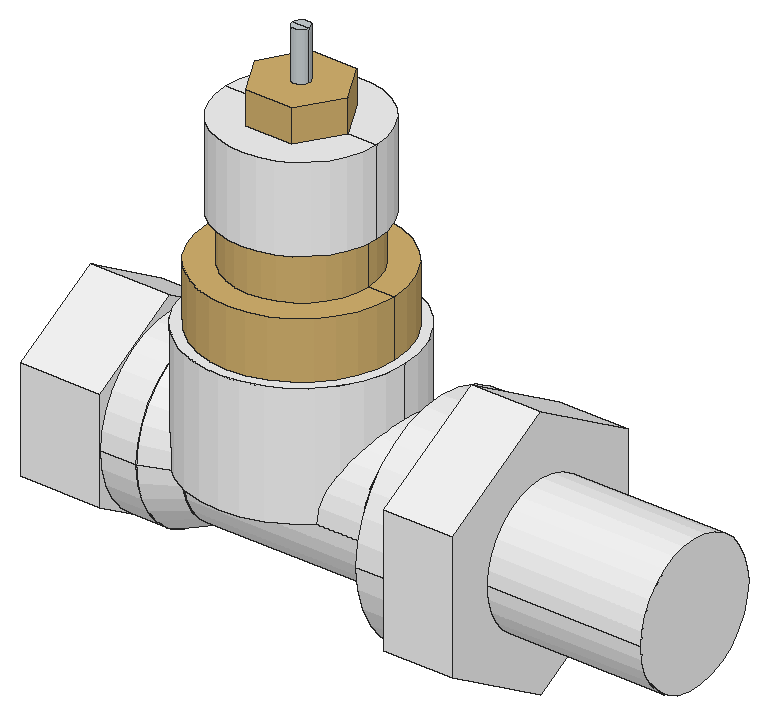
Revit family "RA-FN_Straight_DN10-20_F_RFA", category Pipe Accessories, Revit 2019
Family settings
  Round Connector Dimension = Use Diameter
  Part Type = Valve - Breaks Into
  OmniClass Number = 23.65.55.14.17
  OmniClass Title = Adjusting/Controlling Valves for Liquid Services
  Work Plane-Based = No
  Always vertical = Yes
  Cut with Voids When Loaded = No
  Shared = No
Parameters (values of type "RA-FN_Straight_DN10_Internal_F_013G0002")
  Weight = 0.21 kg
  W = 32.00 mm
  SL = L1 + L2  # 55.50 mm
  RV4_1 = 15.50 mm
  RV2_1 = 12.50 mm
  RV4 = 13.30 mm
  RV3 = 11.00 mm
  RV2 = 10.80 mm
  Pressure Drop [instance] = 0.0 bar
  Model Type = "RA-FN_Straight_DN10_Internal_F"
  Model = "013G0002"
  Max Operating Pressure = "10 bar"  # constant formula
  Max Medium Temperature = "120 ˚C"  # constant formula
  Max Differential Pressure = "0.6 bar"  # constant formula
  L_2 = 8.50 mm
  Valve Body Material = Danfoss Nickel Plated Brass
  RV5 = 8.30 mm
  LOD 350 = not(LOD 200)  # yes
  LOD 200 = no
  L7 = 3.60 mm
  L5 = 14.50 mm
  L4 = 7.50 mm
  L3 = 4.20 mm
  L = 74.50 mm
  Kvs = 0.65 m³/h
  IfcExportType = "RA-FN"  # constant formula
  IfcExportAs = "IfcValveType"  # constant formula
  L_1 = 9.80 mm
  URL = "https://store.danfoss.com/en/Climate-Solutions-for-heating/Radiator-Thermostats/Radiator-Valves/Build-on-valves/Fixed-capacity-valves/c/13867?q=%3Arelevance%3Adanfoss_producttypehierarchydesc%3ARA-FN&text="
  Manufacturer = "Danfoss"  # constant formula
  L2 = 29.50 mm
  L1 = 26.00 mm
  HT = 48.00 mm  # constant formula
  HB = 15.59 mm
  H = HB + HT  # 63.59 mm
  Flow [instance] = 0.0 m³/h
  Description = "Thermostatic Radiator Valve"  # constant formula
  D_Thread = L_Thread2 * 2  # 27.00 mm
  DB1 = 25.50 mm
  DV1 = 18.00 mm
  L_Thread2 = 13.50 mm
  L_Thread1 = 10.80 mm
  D = 10.00 mm
  Connection = "Internal Thread"  # constant formula
Types (3, lengths in mm): name | Weight | W | SL | RV4_1 | RV2_1 | RV4 | RV3 | RV2 | Model Type | Model | L_2 | RV5 | L7 | L5 | L4 | L3 | L | Kvs | L_1 | L2 | L1 | HB | H | D_Thread | DB1 | DV1 | L_Thread2 | L_Thread1 | D
  RA-FN_Straight_DN10_Internal_F_013G0002 | 0.21 kg | 32.00 | 55.50 | 15.50 | 12.50 | 13.30 | 11.00 | 10.80 | "RA-FN_Straight_DN10_Internal_F" | "013G0002" | 8.50 | 8.30 | 3.60 | 14.50 | 7.50 | 4.20 | 74.50 | 0.65 m³/h | 9.80 | 29.50 | 26.00 | 15.59 | 63.59 | 27.00 | 25.50 | 18.00 | 13.50 | 10.80 | 10.00
  RA-FN_Straight_DN15_Internal_F_013G0004 | 0.24 kg | 35.00 | 61.00 | 17.30 | 15.30 | 14.80 | 12.30 | 12.50 | "RA-FN_Straight_DN15_Internal_F" | "013G0004" | 10.00 | 10.50 | 3.80 | 15.50 | 9.50 | 4.00 | 82.00 | 0.9 m³/h | 10.00 | 32.00 | 29.00 | 17.32 | 65.32 | 30.00 | 25.50 | 20.30 | 15.00 | 13.30 | 15.00
  RA-FN_Straight_DN20_Internal_F_013G0006 | 0.39 kg | 42.00 | 74.30 | 21.00 | 18.30 | 18.20 | 15.00 | 15.60 | "RA-FN_Straight_DN20_Internal_F" | "013G0006" | 14.00 | 13.30 | 4.20 | 18.00 | 14.00 | 6.20 | 96.50 | 1.4 m³/h | 12.20 | 39.30 | 35.00 | 21.13 | 69.13 | 36.60 | 29.00 | 25.00 | 18.30 | 15.80 | 20.00
Reference planes
  plane 1 "Center (Front/Back)": y = 0
  plane 2 "XYPLANE": z = 6
  plane 3 "Center (Left/Right)": x = 0
  plane 4 "63": x = 0
  plane 5 "62": x = -26
  plane 6 "61": x = 29.5
  plane 7 "60": y = 0
  plane 8 "59": z = 0
  plane 9 "Y2": x = -16.2
  plane 10: z = 48
  plane 11: x = 48.5
  plane 12: x = 21
  plane 13: z = 15
  plane 14: x = 14.5
  plane 15: x = -7.5
  plane 16: x = -11.7
  plane 17: x = 17.4
  plane 18: x = -11.473
  plane 19: z = -15.59
Forms (mm)
  Extrusion 1, solid, material "Danfoss Nickel Plated Brass" <- "Valve Body Material", visible <- "LOD 350", detail levels fine
    sketch origin (-15, 0, 0) x (0, 0, 1) y (0, -1, 0)
      loop
        circle (0, 0) r 9
    from 7.5 to 29.5
  Extrusion 2, solid, material "Danfoss Nickel Plated Brass" <- "Valve Body Material", visible <- "LOD 350", detail levels fine
    sketch origin (29.5, -750, 0) x (0, 1, 0) y (0, 0, 1)
      loop
        line (750, 15.588) -> (736.5, 7.794) -> (736.5, -7.794) -> (750, -15.588) -> (763.5, -7.794) -> (763.5, 7.794) -> (750, 15.588)
    from 0 to -8.5
  Extrusion 3, solid, material "Danfoss Nickel Plated Brass" <- "Valve Body Material", visible <- "LOD 350", detail levels fine
    sketch origin (-26, -750, 0) x (0, 1, 0) y (0, 0, 1)
      loop
        line (750, 12.471) -> (739.2, 6.235) -> (739.2, -6.235) -> (750, -12.471) -> (760.8, -6.235) -> (760.8, 6.235) -> (750, 12.471)
    from 0 to 9.8 <- "L_1"
  Extrusion 4, solid, material "Danfoss Nickel Plated Brass" <- "Valve Body Material", visible <- "LOD 350", detail levels fine
    sketch origin (29.5, -750, 0) x (0, 1, 0) y (0, 0, 1)
      loop
        circle (750, 0) r 10.8
    from -45.7 to -41.2
  Extrusion 5, solid, material "Danfoss Nickel Plated Brass" <- "Valve Body Material", visible <- "LOD 200", detail levels fine
    sketch origin (29.5, -750, 0) x (0, 1, 0) y (0, 0, 1)
      loop
        circle (750, 0) r 9
    from -45.7 to -8.5
  Extrusion 6, solid, material "Danfoss Nickel Plated Brass" <- "Valve Body Material", detail levels fine
    sketch origin (0, 0, 0) x (0, 1, 0) y (0, 0, 1)
      loop
        circle (0, 0) r 8.3
    from 29.5 to 48.5
  Extrusion 7, solid, material "Danfoss Nickel Plated Brass" <- "Valve Body Material", detail levels fine
    sketch origin (0, 0, 0) x (1, 0, 0) y (0, 1, 0)
      loop
        circle (0, 0) r 12.75
    from 0 to 15
  Blend 8, solid, material "Danfoss Nickel Plated Brass" <- "Valve Body Material", visible <- "LOD 350", detail levels fine
    base sketch origin (0, 0, 0) x (0, 1, 0) y (0, 0, 1)
      loop
        circle (0, 0) r 10.8
    top sketch origin (0, 0, 0) x (0, 1, 0) y (0, 0, 1)
      loop
        circle (0, 0) r 9
    from -11.7 to -7.5
  Blend 9, solid, material "Danfoss Nickel Plated Brass" <- "Valve Body Material", visible <- "LOD 350", detail levels fine
    base sketch origin (0, 0, 0) x (0, 1, 0) y (0, 0, -1)
      loop
        circle (0, 0) r 11
    top sketch origin (0, 0, 0) x (0, 1, 0) y (0, 0, -1)
      loop
        circle (0, 0) r 9
    from -17.4 to -14.5
  Extrusion 10, solid, material "Danfoss Nickel Plated Brass" <- "Valve Body Material", visible <- "LOD 350", detail levels fine
    sketch origin (-29.5, -750, 0) x (0, 1, 0) y (0, 0, -1)
      loop
        circle (750, 0) r 13.3
    from -50.5 to -46.9
  Extrusion 11, solid, material "Danfoss Nickel Plated Brass" <- "Valve Body Material", visible <- "LOD 200", detail levels fine
    sketch origin (0, 0, 0) x (0, 1, 0) y (0, 0, 1)
      loop
        circle (0, 0) r 12.5
    from -26 to -16.2
  Extrusion 12, solid, material "Danfoss Nickel Plated Brass" <- "Valve Body Material", visible <- "LOD 200", detail levels fine
    sketch origin (0, 0, 0) x (0, 1, 0) y (0, 0, 1)
      loop
        circle (0, 0) r 15.5
    from 21 to 29.5
Lines and regions (mm)
  reference lines, not visible
    curve 1: circle (2, 2, 0) r 1 normal (0, 0, 1)
  reference lines, visible <- "LOD 350"
    curve 2: line (29.5, 0, 0) -> (29.5, 5.846, -3.375)
    curve 3: line (29.5, 0, 0) -> (29.5, 0, -6.75)
    curve 4: line (29.5, 0, 0) -> (29.5, -5.846, -3.375)
    curve 5: line (-26, 0, 0) -> (-26, -4.98, -2.875)
    curve 6: line (-26, 0, 0) -> (-26, 0, -5.75)
    curve 7: line (-26, 0, 0) -> (-26, 4.98, -2.875)
Dimensions and locks
  plane 1 "Center (Front/Back)" to curve 1 = 2.00 mm
  locked: plane 3 "Center (Left/Right)" to plane 4 "63"
  "L1": plane 3 "Center (Left/Right)" to plane 5 "62"
  "L2": plane 3 "Center (Left/Right)" to plane 6 "61"
  locked: plane 1 "Center (Front/Back)" to plane 7 "60"
  plane 8 "59" to plane 2 "XYPLANE" = 6.00 mm
  "L_Thread2": curve 2 to Extrusion 2 sketch curve  (x2)
  "L_Thread2": curve 3 to Extrusion 2 sketch curve  (x2)
  "L_Thread2": curve 4 to Extrusion 2 sketch curve  (x2)
  "L_Thread1": curve 5 to Extrusion 3 sketch curve  (x2)
  "L_Thread1": curve 6 to Extrusion 3 sketch curve  (x2)
  "L_Thread1": curve 7 to Extrusion 3 sketch curve  (x2)
  "L_1": plane 5 "62" to plane 9 "Y2"
  "L_2": plane 12 to plane 6 "61"
  "L4": plane 3 "Center (Left/Right)" to plane 15
  "L5": plane 14 to plane 3 "Center (Left/Right)"
  "L3": plane 15 to plane 16
  "L": plane 5 "62" to plane 11
  plane 6 "61" to plane 5 "62" = 55.50 mm
  plane 11 to plane 5 "62" = 74.50 mm
  "L7": plane 12 to plane 17
  locked: plane 18 to plane 9 "Y2" at 4.727
  locked: plane 13 to level at 15
  "HB": level to plane 19
  "H": plane 10 to plane 19
  "DV1": diameter of Extrusion 1 sketch curve
  "RV2": radius of Extrusion 4 sketch curve
  "DV1": diameter of Extrusion 5 sketch curve
  "RV5": radius of Extrusion 6 sketch curve
  "DB1": diameter of Extrusion 7 sketch curve
  "RV2": radius of Blend 8 sketch curve
  "DV1": diameter of Blend 8 sketch curve
  "RV3": radius of Blend 9 sketch curve
  "DV1": diameter of Blend 9 sketch curve
  "RV4": radius of Extrusion 10 sketch curve
  "RV2_1": radius of Extrusion 11 sketch curve
  "RV4_1": radius of Extrusion 12 sketch curve
  locked: curve 3 to curve 2 (angle 60.00°)
  locked: curve 4 to curve 3 (angle 60.00°)
  locked: curve 4 to curve 2 (angle 120.00°)
  locked: curve 6 to curve 5 (angle 60.00°)
  locked: curve 7 to curve 6 (angle 60.00°)
  locked: curve 7 to curve 5 (angle 120.00°)
  aligned and locked: Extrusion 1 sketch curve to plane 7 "60"
  aligned and locked: curve 4 to plane 7 "60"
  aligned and locked: plane 8 "59" to curve 4
  aligned and locked: curve 7 to plane 7 "60"
  aligned and locked: plane 8 "59" to curve 7
  aligned and locked: plane 1 "Center (Front/Back)" to Extrusion 4 sketch curve
  aligned and locked: level to Extrusion 4 sketch curve
  aligned and locked: plane 1 "Center (Front/Back)" to Extrusion 5 sketch curve
  aligned and locked: level to Extrusion 5 sketch curve
  aligned and locked: plane 9 "Y2" to Extrusion 3
  aligned and locked: plane 1 "Center (Front/Back)" to Extrusion 6 sketch curve
  aligned and locked: level to Extrusion 6 sketch curve
  aligned and locked: Extrusion 2 to plane 12
  aligned and locked: plane 4 "63" to Extrusion 7 sketch curve
  aligned and locked: plane 7 "60" to Extrusion 7 sketch curve
  aligned and locked: plane 13 to Extrusion 7
  aligned and locked: Extrusion 6 to plane 6 "61"
  aligned and locked: Extrusion 6 to plane 11
  aligned and locked: Extrusion 1 to plane 15
  aligned and locked: plane 14 to Extrusion 1
  aligned and locked: Extrusion 4 to plane 9 "Y2"
  aligned and locked: plane 16 to Extrusion 4
  aligned and locked: plane 1 "Center (Front/Back)" to Blend 8 sketch curve  (x2)
  aligned and locked: level to Blend 8 sketch curve  (x2)
  aligned and locked: Blend 8 to plane 16
  aligned and locked: plane 15 to Blend 8
  aligned and locked: plane 14 to Blend 9
  aligned and locked: plane 1 "Center (Front/Back)" to Blend 9 sketch curve  (x2)
  aligned and locked: level to Blend 9 sketch curve  (x2)
  aligned and locked: Extrusion 5 to plane 9 "Y2"
  aligned and locked: plane 12 to Extrusion 5
  aligned and locked: plane 17 to Blend 9
  aligned and locked: plane 12 to Extrusion 10
  aligned and locked: Extrusion 10 to plane 17
  aligned and locked: plane 1 "Center (Front/Back)" to Extrusion 11 sketch curve
  aligned and locked: level to Extrusion 11 sketch curve
  aligned and locked: Extrusion 11 to plane 5 "62"
  aligned and locked: Extrusion 11 to plane 9 "Y2"
  aligned and locked: plane 1 "Center (Front/Back)" to Extrusion 12 sketch curve
  aligned and locked: level to Extrusion 12 sketch curve
  aligned and locked: Extrusion 2 to Extrusion 12
  aligned and locked: Extrusion 12 to plane 6 "61"
  aligned and locked: plane 3 "Center (Left/Right)" to nested 1
  aligned and locked: plane 13 to nested 1
  aligned and locked: plane 1 "Center (Front/Back)" to nested 1
  aligned and locked: level to nested 2
  aligned and locked: nested 2 to plane 6 "61"
  aligned and locked: plane 1 "Center (Front/Back)" to nested 2
Automatic sketch dimensions
  plane 3 "Center (Left/Right)" to curve 1 = 2.00 mm
  Extrusion 1 sketch curve to level = 0.00 mm
  Extrusion 6 sketch curve to level = 0.00 mm
  Extrusion 10 sketch curve to level = 0.00 mm
  Extrusion 10 sketch curve to plane 1 "Center (Front/Back)" = 0.00 mm
  radius of curve 1 = 1.00 mm
Nested families
  nested 1: "connection neck" at (0, 0, 15), LOD 200 <- "LOD 200", type "connection", detail levels fine
    with LOD 350 yes, LOD 200 no, DN20(350) no, DN10-15(350) yes
  nested 2: "Schematic_TRV_Sensor_Straight" at (1.75, 0, 0), type "Schematic_TRV_Sensor_Straight", detail levels coarse+medium
Connectors
  piping at (-26, 0, 0), diameter 10, driven by "D", driven by "Flow"
    settings: on Extrusion 3, index 2, connector inside diameter 609.6 mm, connector length 0.00 mm, flow factor 0, pipe flow 0.0 m³/h, pressure drop 0.0 bar, fitting loss kfactor 0, connector angle 0.00°, fixture units 0, engagement length 0.00 mm, angle of deflection 0.00°, flow configuration 0, flow direction 1, fitting loss method 0, system type 29, joint type 0, gender type 0, connector reference index 3, connector utility 0, adjustable connector no, is connector primary yes, connector description ""
  piping at (29.5, 0, 0), diameter 10, driven by "Flow", driven by "D"
    settings: on Extrusion 2, index 3, connector inside diameter 609.6 mm, connector length 0.00 mm, flow factor 0, pipe flow 0.0 m³/h, pressure drop 0.0 bar, fitting loss kfactor 0, connector angle 0.00°, fixture units 0, engagement length 0.00 mm, angle of deflection 0.00°, flow configuration 0, flow direction 2, fitting loss method 0, system type 29, joint type 0, gender type 0, connector reference index 2, connector utility 0, adjustable connector no, is connector primary no, connector description ""
Definition of nested family "connection neck"
  Parameters (values of type "connection")
    Model = ""
    Valve Body Material = none
    LOD 350 [instance] = not(LOD 200)  # yes
    LOD 200 [instance] = no
    IfcExportType = "Connection neck"  # constant formula
    IfcExportAs = "IfcValveType"  # constant formula
    URL = "https://store.danfoss.com/en/Climate-Solutions-for-heating/Radiator-Thermostats/Radiator-Valves/Build-on-valves/Presetting-valves/c/13866?q=%3Arelevance%3Adanfoss_producttypehierarchydesc%3ARA-N&text="
    Manufacturer = "Danfoss"  # constant formula
    HT1 = if(D = 20.00 mm, 12.55 mm, 12.65 mm)  # 12.65 mm
    HT = 33.00 mm  # constant formula
    H [instance] = 33.00 mm
    Description = "Thermostatic Radiator Valve"  # constant formula
    DN20(350) [instance] = and((LOD 350), D = 20.00 mm)  # no
    DN10-15(350) [instance] = and((LOD 350), D < 20.00 mm)  # yes
    D = 10.00 mm
  Reference planes
    plane 1 "Center (Front/Back)": y = 0
    plane 2 "XYPLANE": z = 6
    plane 3 "Center (Left/Right)": x = 0
    plane 4 "67": z = 27.03
    plane 5 "66": z = 7
    plane 6 "63": x = 0
    plane 7 "60": y = 0
    plane 8 "59": z = 0
    plane 9: z = 33
    plane 10: z = 12.65
    plane 11: z = 0
    plane 12 "HT1": z = 12.65
    plane 13: z = 6.1
    plane 14: z = 23.03
  Forms (mm)
    Revolve 1, solid, detail levels fine
      sketch origin (0, 0, 0) x (1, 0, 0) y (0, 0, 1)
        loop
          line (0, 33) -> (0, 27.03) -> (1, 27.03) -> (1, 33) -> (0, 33)
        axis (0, 27.03) -> (0, 33)
      angle from 0 to 360
    Revolve 2, solid, visible <- "DN10-15(350)", detail levels fine
      sketch origin (0, 0, 0) x (1, 0, 0) y (0, 0, 1)
        loop
          line (0, 0) -> (11.5, 0) -> (11.5, 7) -> (8.3, 7) -> (8.3, 12.65) -> (0, 12.65) -> (0, 0)
        axis (0, 12.65) -> (0, 0)
      angle from 0 to 360
    Revolve 3, solid, material <- "Valve Body Material", detail levels fine
      sketch origin (0, 0, 0) x (1, 0, 0) y (0, 0, 1)
        loop
          line (0, 23.03) -> (0, 12.65) -> (9.3, 12.65) -> (9.3, 23.03) -> (0, 23.03)
        axis (0, 12.65) -> (0, 23.03)
      angle from 0 to 360
    Revolve 4, solid, visible <- "LOD 200", detail levels fine
      sketch origin (0, 0, 0) x (1, 0, 0) y (0, 0, 1)
        loop
          line (0, 0) -> (11.5, 0) -> (11.5, 12.65) -> (0, 12.65) -> (0, 0)
        axis (0, 0) -> (0, 12.65)
      angle from 0 to 360
    Extrusion 5, solid, visible <- "LOD 350", detail levels fine
      sketch origin (0, 0, 0) x (1, 0, 0) y (0, 1, 0)
        loop
          line (-2.887, 5) -> (-5.774, 0) -> (-2.887, -5) -> (2.887, -5) -> (5.774, 0) -> (2.887, 5) -> (-2.887, 5)
      from 23.03 to 27.03
    Revolve 6, solid, visible <- "LOD 200", detail levels fine
      sketch origin (0, 0, 0) x (1, 0, 0) y (0, 0, 1)
        loop
          line (0, 27.03) -> (0, 23.03) -> (5.774, 23.03) -> (5.774, 27.03) -> (0, 27.03)
        axis (0, 27.03) -> (0, 23.03)
      angle from 0 to 360
    Revolve 7, solid, visible <- "DN20(350)", detail levels fine
      sketch origin (0, 0, 0) x (1, 0, 0) y (0, 0, 1)
        loop
          line (0, 0) -> (11.5, 0) -> (11.5, 6.1) -> (8.3, 6.1) -> (8.3, 12.65) -> (0, 12.65) -> (0, 0)
        axis (0, 12.65) -> (0, 0)
      angle from 0 to 360
  Lines and regions (mm)
    reference lines, not visible
      curve 1: circle (2, 2, 0) r 1 normal (0, 0, 1)
    reference lines, visible <- "LOD 350"
      curve 2: line (32, 0, 0) -> (32, 5.846, -3.375)
      curve 3: line (32, 0, 0) -> (32, 0, -6.75)
      curve 4: line (32, 0, 0) -> (32, -5.846, -3.375)
      curve 5: line (-29, 0, 0) -> (-29, -4.98, -2.875)
      curve 6: line (-29, 0, 0) -> (-29, 0, -5.75)
      curve 7: line (-29, 0, 0) -> (-29, 4.98, -2.875)
  Dimensions and locks
    plane 1 "Center (Front/Back)" to curve 1 = 2.00 mm
    locked: plane 3 "Center (Left/Right)" to plane 6 "63"
    locked: plane 1 "Center (Front/Back)" to plane 7 "60"
    plane 8 "59" to plane 2 "XYPLANE" = 6.00 mm
    "HT": plane 9 to level
    Revolve 3 sketch curve to Revolve 3 sketch curve = 9.30 mm
    Revolve 2 sketch curve to plane 3 "Center (Left/Right)" = 11.50 mm
    Revolve 2 sketch curve to plane 3 "Center (Left/Right)" = 8.30 mm
    Revolve 4 sketch curve to Revolve 4 sketch curve = 11.50 mm
    Extrusion 5 sketch curve to Extrusion 5 sketch curve = 10.00 mm  (x3)
    equal spacing: Extrusion 5 sketch curve, plane 1 "Center (Front/Back)", Extrusion 5 sketch curve
    equal spacing: Extrusion 5 sketch curve, plane 3 "Center (Left/Right)", Extrusion 5 sketch curve  (x2)
    Revolve 6 sketch curve to Revolve 6 sketch curve = 5.774 mm
    "H": plane 9 to plane 11
    Revolve 1 sketch curve to Revolve 1 sketch curve = 1.00 mm
    locked: level to plane 11
    Revolve 7 sketch curve to plane 3 "Center (Left/Right)" = 8.30 mm
    Revolve 7 sketch curve to plane 3 "Center (Left/Right)" = 11.50 mm
    plane 10 to plane 5 "66" = 5.65 mm
    "HT1": plane 12 "HT1" to level
    locked: plane 13 to level at 6.1
    plane 12 "HT1" to plane 13 = 6.55 mm
    locked: plane 14 to plane 12 "HT1" at 10.38
    locked: plane 4 "67" to plane 14 at 4
    locked: plane 5 "66" to level at 7
    locked: curve 3 to curve 2 (angle 60.00°)
    locked: curve 4 to curve 3 (angle 60.00°)
    locked: curve 4 to curve 2 (angle 120.00°)
    locked: curve 6 to curve 5 (angle 60.00°)
    locked: curve 7 to curve 6 (angle 60.00°)
    locked: curve 7 to curve 5 (angle 120.00°)
    aligned and locked: curve 4 to plane 7 "60"
    aligned and locked: plane 8 "59" to curve 4
    aligned and locked: curve 7 to plane 7 "60"
    aligned and locked: plane 8 "59" to curve 7
    aligned and locked: Revolve 1 sketch curve to plane 6 "63"
    aligned and locked: Revolve 1 sketch curve to plane 9
    aligned and locked: plane 6 "63" to Revolve 1 sketch curve
    aligned and locked: Revolve 2 sketch curve to plane 5 "66"
    aligned and locked: Revolve 2 sketch curve to plane 3 "Center (Left/Right)"
    aligned and locked: Revolve 2 sketch curve to Revolve 2 sketch curve
    aligned and locked: Revolve 3 sketch curve to plane 6 "63"
    aligned and locked: plane 6 "63" to Revolve 3 sketch curve
    aligned and locked: Revolve 4 sketch curve to plane 6 "63"
    aligned and locked: plane 2 "XYPLANE" to Revolve 4 sketch curve
    aligned and locked: plane 6 "63" to Revolve 4 sketch curve
    aligned and locked: Revolve 1 sketch curve to plane 4 "67"
    aligned and locked: plane 4 "67" to Revolve 1 sketch curve
    aligned and locked: Revolve 2 sketch curve to plane 11
    aligned and locked: plane 11 to Revolve 2 sketch curve
    aligned and locked: plane 4 "67" to Extrusion 5
    aligned and locked: plane 10 to Revolve 4
    aligned and locked: Revolve 6 sketch curve to plane 6 "63"  (x2)
    aligned and locked: Revolve 6 sketch curve to plane 4 "67"
    aligned and locked: Revolve 6 sketch curve to Revolve 1
    aligned and locked: Revolve 6 sketch curve to Revolve 6 sketch curve
    aligned and locked: Revolve 7 sketch curve to level
    aligned and locked: Revolve 7 sketch curve to plane 3 "Center (Left/Right)"  (x2)
    aligned and locked: Revolve 4 sketch curve to plane 12 "HT1"
    aligned and locked: Revolve 3 sketch curve to plane 12 "HT1"
    aligned and locked: Revolve 2 sketch curve to plane 12 "HT1"
    aligned and locked: Revolve 7 sketch curve to plane 12 "HT1"
    aligned and locked: Revolve 7 sketch curve to plane 13
    aligned and locked: Revolve 3 sketch curve to plane 14
    aligned and locked: Extrusion 5 to plane 14
  Automatic sketch dimensions
    plane 3 "Center (Left/Right)" to curve 1 = 2.00 mm
    plane 9 to Revolve 1 sketch curve = 0.838 mm
    Revolve 3 sketch curve to plane 3 "Center (Left/Right)" = 0.00 mm
    plane 5 "66" to Revolve 3 sketch curve = 2.50 mm
    Revolve 3 sketch curve to plane 9 = 1.691 mm
    Revolve 4 sketch curve to plane 11 = 0.00 mm
    Revolve 4 sketch curve to plane 9 = 0.30 mm
    plane 1 "Center (Front/Back)" to Extrusion 5 sketch curve = 0.00 mm
    Extrusion 5 sketch curve to Extrusion 5 sketch curve = 2.887 mm
    Revolve 7 sketch curve to Revolve 7 sketch curve = 0.00 mm
    Revolve 7 sketch curve to Revolve 7 sketch curve = 11.48 mm
    Revolve 2 sketch curve to plane 4 "67" = 3.00 mm
    Revolve 6 sketch curve to plane 4 "67" = 4.00 mm
    radius of curve 1 = 1.00 mm
Definition of nested family "Schematic_TRV_Sensor_Straight"
  Parameters (values of type "Schematic_TRV_Sensor_Straight")
    LA_1 = 1 / 9 * HA  # 3.111 mm
    HT = 48.00 mm
    HA_2 = 4 / 5 * HA  # 22.40 mm
    HA_1 = 1 / 5 * HA  # 5.60 mm
    HA = 4 / 5 * D  # 28.00 mm
    LA = 3 / 5 * HA  # 16.80 mm
    L = 80.00 mm
    D = 35.00 mm
  Reference planes
    plane 1 "Center (Front/Back)": y = 0
    plane 2: z = 0
    plane 3 "Center (Left/Right)": x = 0
    plane 4: z = 17.5
    plane 5: z = -17.5
    plane 6: z = 76
    plane 7: x = 40
    plane 8: x = -40
    plane 9: y = 17.5
    plane 10: y = -17.5
    plane 11: y = 76
    plane 12: z = 48
    plane 13: x = -8.4
    plane 14: x = 8.4
    plane 15: y = 48
    plane 16: z = 70.4
    plane 17: x = -5.289
    plane 18: x = 5.289
    plane 19: z = 53.6
    plane 20: y = 70.4
    plane 21: y = 53.6
    plane 22 "centerline": z = 0
  Lines and regions (mm)
    model lines
      curve 1: line (0, 0, 48) -> (0, 0, 0)
      curve 2: line (0, 0, 0) -> (-40, 0, 17.5)
      curve 3: line (-40, 0, 17.5) -> (-40, 0, -17.5)
      curve 4: line (-40, 0, -17.5) -> (0, 0, 0)
      curve 5: line (0, 0, 0) -> (40, 0, 17.5)
      curve 6: line (40, 0, 17.5) -> (40, 0, -17.5)
      curve 7: line (40, 0, -17.5) -> (0, 0, 0)
      curve 15: line (-8.4, 0, 76) -> (8.4, 0, 76)
      curve 16: line (-8.4, 0, 48) -> (-8.4, 0, 76)
      curve 17: line (8.4, 0, 48) -> (-8.4, 0, 48)
      curve 18: line (8.4, 0, 76) -> (8.4, 0, 48)
      curve 23: line (-5.289, 0, 70.4) -> (5.289, 0, 70.4)
      curve 24: line (0, 0, 53.6) -> (0, 0, 70.4)
    symbolic lines
      curve 8: line (40, 17.5, 0) -> (40, -17.5, 0)
      curve 9: line (-40, 17.5, 0) -> (-40, -17.5, 0)
      curve 10: line (-40, 17.5, 0) -> (0, 0, 0)
      curve 11: line (0, 0, 0) -> (-40, -17.5, 0)
      curve 12: line (0, 0, 0) -> (40, -17.5, 0)
      curve 13: line (0, 0, 0) -> (40, 17.5, 0)
      curve 14: line (0, 48, 0) -> (0, 0, 0)
      curve 19: line (-8.4, 76, 0) -> (8.4, 76, 0)
      curve 20: line (-8.4, 48, 0) -> (-8.4, 76, 0)
      curve 21: line (8.4, 48, 0) -> (-8.4, 48, 0)
      curve 22: line (8.4, 76, 0) -> (8.4, 48, 0)
      curve 25: line (-5.289, 70.4, 0) -> (5.289, 70.4, 0)
      curve 26: line (0, 53.6, 0) -> (0, 70.4, 0)
  Dimensions and locks
    "D": plane 4 to plane 5
    equal spacing: plane 4, level, plane 5
    equal spacing: plane 7, plane 3 "Center (Left/Right)", plane 8
    "D": plane 10 to plane 9
    equal spacing: plane 10, plane 1 "Center (Front/Back)", plane 9
    "L": plane 7 to plane 8
    "LA": plane 14 to plane 13
    equal spacing: plane 14, plane 3 "Center (Left/Right)", plane 13
    "HA": plane 6 to plane 12
    "HA": plane 15 to plane 11
    "HA_1": plane 6 to plane 16
    "LA_1": plane 17 to plane 13
    "LA_1": plane 14 to plane 18
    "HA_2": plane 6 to plane 19
    "HA_1": plane 20 to plane 11
    "HA_2": plane 21 to plane 11
    "HT": plane 12 to level
    "HT": plane 1 "Center (Front/Back)" to plane 15
    aligned and locked: level to plane 2
    aligned and locked: curve 9 to plane 8
    aligned and locked: curve 8 to plane 7
    aligned and locked: curve 14 to plane 3 "Center (Left/Right)"
    aligned and locked: plane 12 to curve 1
    aligned and locked: curve 15 to plane 6
    aligned and locked: plane 13 to curve 16
    aligned and locked: plane 12 to curve 17
    aligned and locked: curve 18 to plane 14
    aligned and locked: plane 15 to curve 14
    aligned and locked: plane 17 to curve 23
    aligned and locked: plane 18 to curve 23
    aligned and locked: curve 23 to plane 16
    aligned and locked: plane 3 "Center (Left/Right)" to curve 24
    aligned and locked: plane 19 to curve 24
    aligned and locked: plane 16 to curve 24
    aligned and locked: level to curve 1
    aligned and locked: plane 1 "Center (Front/Back)" to curve 14
  Automatic sketch dimensions
    curve 4 to plane 5 = 0.00 mm
    curve 4 to plane 8 = 0.00 mm
    curve 5 to level = 0.00 mm
    curve 5 to plane 3 "Center (Left/Right)" = 0.00 mm
    curve 6 to plane 4 = 0.00 mm
    curve 6 to plane 7 = 0.00 mm
    curve 7 to plane 5 = 0.00 mm
    curve 7 to level = 0.00 mm
    curve 3 to plane 4 = 0.00 mm
    curve 21 to plane 13 = 0.00 mm
    curve 25 to plane 17 = 0.00 mm
    curve 26 to plane 3 "Center (Left/Right)" = 0.00 mm
    curve 25 to plane 18 = 0.00 mm
    curve 21 to plane 14 = 0.00 mm
    plane 10 to curve 12 = 0.00 mm
    plane 10 to curve 9 = 0.00 mm
    plane 9 to curve 9 = 0.00 mm
    plane 9 to curve 13 = 0.00 mm
    curve 26 to plane 21 = 0.00 mm
    curve 25 to plane 20 = 0.00 mm
    curve 26 to plane 20 = 0.00 mm
    plane 11 to curve 19 = 0.00 mm
